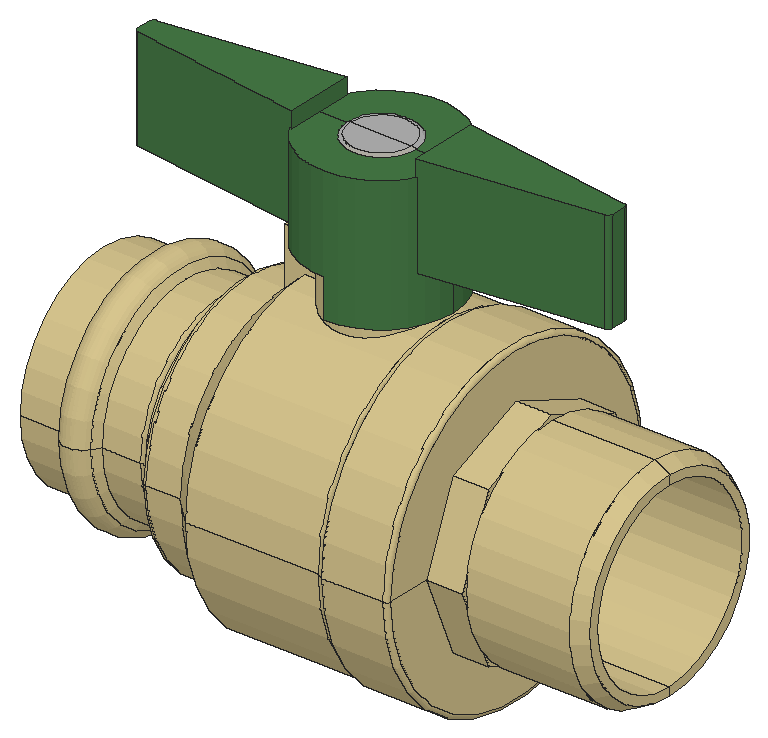
Revit family "QA12210000", category Apparecchi idraulici, Revit 2016
Family settings
  Tipo di parte = Normale
  Quota connettore circolare = Usa diametro
  Numero OmniClass = 23.45.00.00
  Titolo OmniClass = Sanitary, Laundry, and Cleaning Equipment
  Basato su piano di lavoro = No
  Sempre verticale = Sì
  Taglio con vuoti quando caricato = No
  Condiviso = No
  Punto di calcolo locali = No
Parameters
  URL = "https://web.cimberio.it/index.php/figura/1658?subcategoria_id=102"
  Produttore = "CIMBERIO SPA"
  Modello = "Cim 1222CRNLMA"
  DN Model [instance] = QA12215106 : QA12215106
  DN [instance] = 40 mm
Reference planes
  plane 1 "Centro (Fronte/Retro)": y = 0
  plane 2: z = 0
  plane 3 "Centro (Sinistra/Destra)": x = 0
Dimensions and locks
  aligned and locked: level to plane 2
Nested families
  nested 1: "QA12215106" at (0, 0, 0), type <- "DN Model", type "QA12215106"
    with DN 10 mm
  nested 2: "QA12215106" at (0, 0, 0), type <- "DN Model", type "QA12215106"
    with DN 10 mm
  nested 3: "QA12215106" at (0, 0, 0), type <- "DN Model", type "QA12215106"
    with DN 10 mm
  nested 4: "QA12215106" at (0, 0, 0), type <- "DN Model", type "QA12215106"
    with DN 10 mm
  nested 5: "QA12215106" at (0, 0, 0), type <- "DN Model", type "QA12215106"
    with DN 10 mm
  nested 6: "QA12215106" at (0, 0, 0), type <- "DN Model", type "QA12215106"
    with DN 10 mm
  nested 7: "QA12215106" at (0, 0, 0), type <- "DN Model", type "QA12215106"
    with DN 10 mm
  nested 8: "QA12215106" at (0, 0, 0), type <- "DN Model", type "QA12215106"
    with DN 10 mm
  nested 9: "QA12215106" at (0, 0, 0), type <- "DN Model", type "QA12215106"
    with DN 10 mm
Connectors
  piping at (63.75, 0, 0), diameter 40, driven by "DN"
    settings: on nested 1, index 1, connector inside diameter 609.6 mm, connector length 0 mm, flow factor 0, pipe flow 0.0 L/s, pressure drop 0.0 Pa, fitting loss kfactor 0, connector angle 0.00°, fixture units 0, engagement length 0 mm, angle of deflection 0.00°, flow configuration 0, flow direction 0, fitting loss method 0, system type 7, joint type 0, gender type 0, connector reference index -1, connector utility 0, adjustable connector no, is connector primary yes, connector description ""
  piping at (-61.251, 0, 0), diameter 40, driven by "DN"
    settings: on nested 1, index 2, connector inside diameter 609.6 mm, connector length 0 mm, flow factor 0, pipe flow 0.0 L/s, pressure drop 0.0 Pa, fitting loss kfactor 0, connector angle 0.00°, fixture units 0, engagement length 0 mm, angle of deflection 0.00°, flow configuration 0, flow direction 0, fitting loss method 0, system type 7, joint type 0, gender type 0, connector reference index -1, connector utility 0, adjustable connector no, is connector primary no, connector description ""
Definition of nested family "QA12215106"
  Parameters (values of type "QA12215106")
    DN [instance] = 10 mm  # constant formula
  Reference planes
    plane 1 "Centro (Fronte/Retro)": y = 0
    plane 2: z = 0
    plane 3 "Centro (Sinistra/Destra)": x = 0
  Forms (mm)
    Revolve 1, solid
      sketch origin (0, 0, 0) x (1, 0, 0) y (0, 1, 0)
        loop
          line (-61.244, 20) -> (29.75, 20) -> (29.75, 34.499)
          arc (29.75, 34.499) -> (29.457, 35.207) -> (28.749, 35.5) r 1.001
          line (28.749, 35.5) -> (15.25, 35.5)
          arc (15.25, 35.5) -> (14.562, 34.983) -> (13.722, 34.8) r 2.019
          line (13.722, 34.8) -> (-15.45, 34.8) -> (-21.25, 29) -> (-28.75, 29)
          arc (-28.75, 29) -> (-29.457, 28.707) -> (-29.75, 28) r 1
          line (-29.75, 28) -> (-29.75, 25.6)
          arc (-29.75, 25.6) -> (-30.336, 24.186) -> (-31.75, 23.6) r 2
          line (-31.75, 23.6) -> (-33.25, 23.6)
          arc (-33.25, 23.6) -> (-33.972, 23.302) -> (-34.747, 23.2) r 3
          line (-34.747, 23.2) -> (-43.247, 23.2) -> (-44.286, 25)
          arc (-44.286, 25) -> (-47.75, 27) -> (-51.214, 25) r 4
          line (-51.214, 25) -> (-52.253, 23.2) -> (-61.251, 23.2) -> (-61.244, 20)
        axis (-61.251, 0) -> (29.75, 0)
      angle from 0 to 360
    Revolve 2, solid
      sketch origin (0, 0, 0) x (1, 0, 0) y (0, 0, 1)
        loop
          line (0.056, 47.8) -> (-10, 47.8) -> (-10, 43) -> (-11.388, 43) -> (-11.388, 31.761) -> (0.056, 31.761) -> (0.056, 47.8)
        axis (0.056, 31.761) -> (0.056, 47.8)
      angle from 0 to 360
    Extrusion 3, solid
      sketch origin (0, 0, 0) x (1, 0, 0) y (0, 0, 1)
        loop
          line (-11.388, 43) -> (-20, 43) -> (-20, 28.911) -> (-11.388, 28.911) -> (-11.388, 43)
      from -1.6 to 1.7
    Revolve 4, solid
      sketch origin (0, 0, 0) x (1, 0, 0) y (0, 0, 1)
        loop
          line (0, 54.3) -> (-9.25, 54.3) -> (-9.25, 51.8) -> (0, 51.8) -> (0, 54.3)
        axis (0, 54.3) -> (0, 51.8)
      angle from 0 to 360
    Revolve 5, solid
      sketch origin (0, 0, 2.759) x (1, 0, 0) y (0, 0, 1)
        loop
          line (0, 64.3) -> (0, 62) -> (8.25, 62) -> (8.25, 62.8)
          arc (8.25, 62.8) -> (7.811, 63.861) -> (6.75, 64.3) r 1.5
          line (6.75, 64.3) -> (0, 64.3)
        axis (0, 64.3) -> (0, 62)
      angle from 0 to 360
    Revolve 6, solid
      sketch origin (0, 0, 0) x (1, 0, 0) y (0, 0, 1)
        loop
          line (-16, 66.805) -> (-16, 37.309) -> (0, 37.309) -> (0, 66.805) -> (-16, 66.805)
        axis (0, 66.805) -> (0, 37.309)
      angle from 0 to 360
    Extrusion 7, void
      sketch origin (0, 0, 28.55) x (1, 0, 0) y (0, 1, 0)
        loop
          line (-10.868, -1.7) -> (-16.923, -1.7)
          arc (-16.923, -1.7) -> (-11.41, -12.613) -> (0, -17.008) r 17.008
          line (0, -17.008) -> (0, -11)
          arc (0, -11) -> (-7.152, -8.358) -> (-10.868, -1.7) r 11
      from 7.714 to 17.259
    Extrusion 8, solid
      sketch origin (0, 0, 0) x (0, 1, 0) y (0, 0, 1)
        loop
          circle (0, 0) r 20
        loop
          line (0, 24.75) -> (-17.501, 17.501) -> (-24.75, 0) -> (-17.501, -17.501) -> (0, -24.75) -> (17.501, -17.501) -> (24.75, 0) -> (17.501, 17.501) -> (0, 24.75)
      from 29.75 to 37.75
    Extrusion 9, solid
      sketch origin (0, 0, 28.55) x (1, 0, 0) y (0, 1, 0)
        loop
          arc (-51.63, 2.62) -> (-52.252, 2.287) -> (-52.5, 1.627) r 1
          line (-52.5, 1.627) -> (-52.5, -1.62)
          arc (-52.5, -1.62) -> (-52.251, -2.278) -> (-51.63, -2.609) r 1
          line (-51.63, -2.609) -> (-13.671, -7.607) -> (-13.671, 7.617) -> (-51.63, 2.62)
        loop
          line (51.63, 2.62) -> (13.671, 7.617) -> (13.671, -7.607) -> (51.63, -2.609)
          arc (51.63, -2.609) -> (52.251, -2.278) -> (52.5, -1.62) r 1
          line (52.5, -1.62) -> (52.5, 1.627)
          arc (52.5, 1.627) -> (52.252, 2.287) -> (51.63, 2.62) r 1
      from 19.25 to 41.755
    Revolve 10, solid
      sketch origin (0, 0, 0) x (1, 0, 0) y (0, 0, 1)
        loop
          line (60.567, 23.75) -> (37.75, 23.75) -> (37.75, 20) -> (63.75, 20) -> (63.75, 21.902) -> (60.567, 23.75)
        axis (63.75, 0) -> (37.75, 0)
      angle from 0 to 360
  Cuts and joins
    Extrusion 7 cuts Revolve 1
    Extrusion 7 cuts Extrusion 3
    Extrusion 7 cuts Revolve 6
  Dimensions and locks
    aligned and locked: level to plane 2
